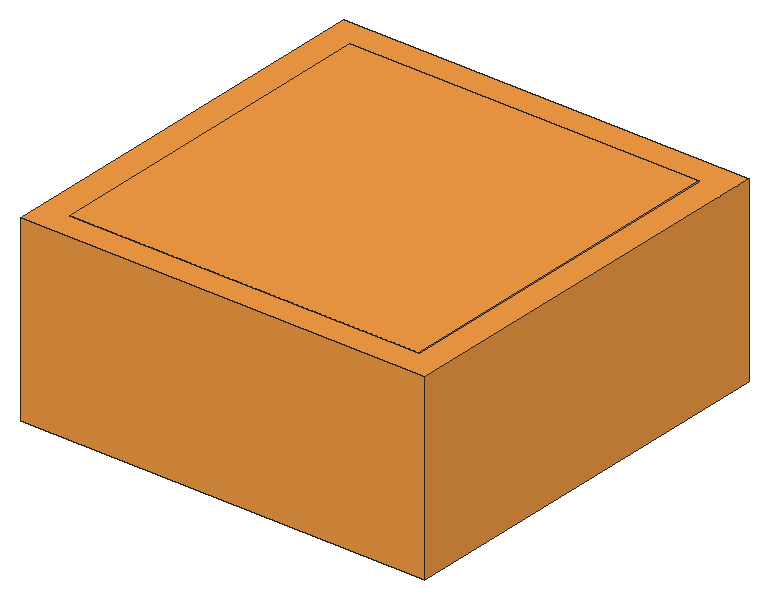
Revit family "Detector termovelocimetrico a 24V_Aguilera Electronica", category Dispositivos de alarma de incendios, Revit 2017
Family settings
  Anfitrión = Cara
  Mantener orientación de anotación = Sí
  Cota de conector redondo = Diámetro de uso
  Tipo de pieza = Normal
  Número OmniClass = 23.85.30.21.11.11.11
  Título OmniClass = Smoke Detectors
  Corte con vacíos al cargar = No
  Compartido = No
  Punto de cálculo de habitación = No
Parameters (values of type "Detector termovelocimétrico a 24V con suplemento para superficie")
  Zona de acción 80 m2 = yes
  Zona de acción 60 m2 = yes
  Símbolo = yes
  Suplemento para superficie = yes
  Símbolo texto modelo = yes
  Radio = Diámetro / 2  # 49.5 mm
  Altura 3 = 8 mm  # constant formula
  Altura 2 = 30 mm
  URL = "https://aguilera.es/?productos=detector-termovelocimetrico-a-24-v"
  Modelo = "AE085/TV + AE/C5-ZA"
  Fabricante = "Aguilera Electrónica"  # constant formula
  Elevación por defecto = 1200 mm
  Diámetro = 99 mm  # constant formula
  Descripción = "El detector está formado por un sensor de temperatura, un comparador y la electrónica asociada que permiten discriminar estados de reposo alarma y avería, de acuerdo con los parámetros fijados. Ejecuta una doble función de alarma sobre el control del ambiente: Diferencial: Pasa a estado de alarma cuando la velocidad de aumento de la temperatura excede de un cierto valor durante un tiempo suficiente. (Según Norma UNE 23007, parte 6). Térmica: Se activa cuando la temperatura ambiente excede de un cierto valordurante un tiempo suficiente. (Según Norma UNE 23007 parte 5)."  # constant formula
  Type Comments = "Diseñado y fabricado por Aguilera Electrónica según norma UNE EN54- 5.\r\n\r\nCertificado por AENOR.\r\n\r\nDa señal de alarma cuando detecta una subida brusca de temperatura o cuando la subida es muy lenta y se alcanzan lo 58 ºC. Provisto de led indicador de alarma con enclavamiento, chequeo automático de funcionamiento, estabilizador de tensión y salida automática de alarma para conectar indicadores de acción remota.\r\n\r\nMontado en carcasa de ABS blanco de 105 Ø x 45 mm de alto.\r\n\r\nConsumo: 50 ?A en reposo y 22 mA en alarma.\r\n"  # constant formula
  Altura 1 = 38 mm  # constant formula
Types (9, lengths in mm): name | Suplemento para superficie | Altura 2 | Modelo
  (no name) | yes | 30 | "AE085/TV + AE/C5-ZA"
  Detector termovelocimétrico a 24V | no | 1 | "AE085/TV"
  Detector termovelocimétrico a 24V con suplemento para superficie | yes | 30 | "AE085/TV + AE/C5-ZA"
  Detector termovelocimétrico a 24V con rearme automático con zócalo bajo | no | 10 | "AE085/TVS + AE/ZCB"
  Detector termovelocimétrico a 24V con zócalo alto | no | 22 | "AE085/TV + AE/ZCA"
  Detector termovelocimétrico a 24V con rearme automático | no | 1 | "AE085/TVS"
  Detector termovelocimétrico a 24V con rearme automático con suplemento para superficie | yes | 30 | "AE085/TVS + AE/C5-ZA"
  Detector termovelocimétrico a 24V con rearme automático con zócalo alto | no | 22 | "AE085/TVS + AE/ZCA"
  Detector termovelocimétrico a 24V con zócalo bajo | no | 10 | "AE085/TV + AE/ZCB"
Reference planes
  plane 1 "Centro (Frontal/Posterior)": y = 0
  plane 2: z = 0
  plane 3 "Centro (Izquierda/Derecha)": x = 0
  plane 4: z = 76
  plane 5: z = 68
  plane 6: z = 30
Forms (mm)
  Extrusion 1, solid
    sketch origin (0, 0, 0) x (1, 0, 0) y (0, 1, 0)
      loop
        line (-1219.2, 1219.2) -> (-1219.2, -1219.2) -> (1219.2, -1219.2) -> (1219.2, 1219.2) -> (-1219.2, 1219.2)
    from 0 to -304.8
  Extrusion 2, solid, material "Carcasa ABS", detail levels fine
    sketch origin (0, 0, 0) x (1, 0, 0) y (0, 1, 0)
      loop
        circle (0, 0) r 18.837
    from 74.409 to 76
  Extrusion 3, solid, material "Carcasa ABS", detail levels fine
    sketch origin (4.277, 0, 83.026) x (1, 0, 0) y (0, 0, -1)
      loop
        line (-19.852, 15.026) -> (-27.226, 15.026)
        arc (-27.226, 15.026) -> (-24.259, 12.003) -> (-21.715, 8.616) r 32.144
        line (-21.715, 8.616) -> (-19.852, 8.616) -> (-19.852, 15.026)
    from -2.054 to 1.982
  Revolve 4, solid, material "Carcasa ABS"
    sketch origin (0, 0, 0) x (0, 1, 0) y (0, 0, 1)
      loop
        line (-49.5, 30) -> (-49.5, 0) -> (0, 0) -> (0, 30) -> (-49.5, 30)
      axis (0, 30) -> (0, 0)
    angle from 0 to 360
  Extrusion 5, solid, material "Carcasa ABS", visible <- "Suplemento para superficie", detail levels medium+fine
    sketch origin (0, 0, 28.069) x (0, 1, 0) y (0, 0, 1)
      loop
        circle (0, -13.675) r 10
    from 46.956 to 49.451
  Extrusion 6, solid, material "Carcasa ABS", visible <- "Suplemento para superficie", detail levels medium+fine
    sketch origin (0, 0, 28.069) x (-1, 0, 0) y (0, 0, 1)
      loop
        circle (0, -13.675) r 10
    from 46.733 to 49.566
  Extrusion 7, solid, material "Carcasa ABS", visible <- "Suplemento para superficie", detail levels medium+fine
    sketch origin (0, 0, 28.069) x (0, 1, 0) y (0, 0, -1)
      loop
        circle (0, 13.675) r 10
    from 47.25 to 49.524
  Extrusion 8, solid, material "Carcasa ABS", detail levels fine
    sketch origin (-4.277, 0, 83.026) x (-1, 0, 0) y (0, 0, 1)
      loop
        line (-19.852, -15.026) -> (-19.852, -8.616) -> (-21.662, -8.616)
        arc (-21.662, -8.616) -> (-24.19, -12.001) -> (-27.141, -15.026) r 32.171
        line (-27.141, -15.026) -> (-19.852, -15.026)
    from -2.054 to 1.982
  Extrusion 9, solid, material "Carcasa ABS", detail levels fine
    sketch origin (2.17, -3.722, 83.026) x (0.5, -0.866025, 0) y (0, 0, -1)
      loop
        line (-21.153, 15.026) -> (-28.442, 15.026)
        arc (-28.442, 15.026) -> (-25.491, 12.001) -> (-22.962, 8.616) r 32.171
        line (-22.962, 8.616) -> (-21.153, 8.616) -> (-21.153, 15.026)
    from -2.054 to 1.982
  Extrusion 10, solid, material "Carcasa ABS", detail levels fine
    sketch origin (-2.107, 3.686, 83.026) x (-0.5, 0.866025, 0) y (0, 0, 1)
      loop
        line (-21.586, -15.026) -> (-21.586, -8.616) -> (-23.396, -8.616)
        arc (-23.396, -8.616) -> (-25.925, -12.001) -> (-28.876, -15.026) r 32.171
        line (-28.876, -15.026) -> (-21.586, -15.026)
    from -2.054 to 1.982
  Extrusion 11, solid, material "Carcasa ABS", detail levels fine
    sketch origin (-2.107, -3.758, 83.026) x (-0.5, -0.866025, 0) y (0, 0, -1)
      loop
        line (-21.586, 15.026) -> (-28.876, 15.026)
        arc (-28.876, 15.026) -> (-25.925, 12.001) -> (-23.396, 8.616) r 32.171
        line (-23.396, 8.616) -> (-21.586, 8.616) -> (-21.586, 15.026)
    from -2.054 to 1.982
  Extrusion 12, solid, material "Carcasa ABS", detail levels fine
    sketch origin (2.17, 3.65, 83.026) x (0.5, 0.866025, 0) y (0, 0, 1)
      loop
        line (-21.586, -15.026) -> (-21.586, -8.616) -> (-23.396, -8.616)
        arc (-23.396, -8.616) -> (-25.925, -12.001) -> (-28.876, -15.026) r 32.171
        line (-28.876, -15.026) -> (-21.586, -15.026)
    from -2.054 to 1.982
  Revolve 13, solid, material "Carcasa ABS", detail levels medium+fine
    sketch origin (0, 0, 0) x (1, 0, 0) y (0, 0, 1)
      loop
        arc (-44.248, 63.693) -> (-47.962, 62.155) -> (-49.5, 58.441) r 5.252
        line (-49.5, 58.441) -> (-49.5, 30) -> (-18.204, 30) -> (-18.204, 68) -> (-22.949, 68) -> (-27.256, 63.693) -> (-44.248, 63.693)
      axis (0, 30) -> (0, 68)
    angle from 0 to 360
  Extrusion 14, solid, material "Zona de acción", visible <- "Zona de acción 80 m2"
    sketch origin (-3703.865, 3705, 0) x (1, 0, 0) y (0, 1, 0)
      loop
        line (-746.135, -8155) -> (8153.865, -8155) -> (8153.865, 745) -> (-746.135, 745) -> (-746.135, -8155)
    from 0 to 4000
  Extrusion 15, solid, material "Zona de acción", visible <- "Zona de acción 60 m2"
    sketch origin (-4303.865, 3105, 0) x (1, 0, 0) y (0, 1, 0)
      loop
        line (453.865, -6955) -> (8153.865, -6955) -> (8153.865, 745) -> (453.865, 745) -> (453.865, -6955)
    from 0 to 4000
Dimensions and locks
  locked: Extrusion 2 to Extrusion 2 at 1.591
  "Altura 2": plane 6 to Extrusion 1
  "Altura 1": plane 5 to plane 6
  "Altura 3": plane 4 to plane 5
  "Radio": Revolve 4 sketch curve to Revolve 4 sketch curve
  "Radio": plane 3 "Centro (Izquierda/Derecha)" to Revolve 13 sketch curve
  aligned and locked: plane 2 to Extrusion 1
  aligned and locked: level to Extrusion 1
  aligned and locked: plane 4 to Extrusion 2
  aligned and locked: Extrusion 1 to Revolve 4 sketch curve
  aligned and locked: plane 1 "Centro (Frontal/Posterior)" to Revolve 4 sketch curve  (x2)
  aligned and locked: Extrusion 3 to plane 5
  aligned and locked: Revolve 4 sketch curve to plane 6
  aligned and locked: Revolve 13 sketch curve to plane 3 "Centro (Izquierda/Derecha)"
  aligned and locked: plane 6 to Revolve 13 sketch curve
  aligned and locked: Extrusion 3 to Extrusion 2
  aligned and locked: Extrusion 12 to Extrusion 2
  aligned and locked: Extrusion 10 to Extrusion 2
  aligned and locked: Extrusion 8 to Extrusion 2
  aligned and locked: Extrusion 9 to Extrusion 2
  aligned and locked: Extrusion 11 to Extrusion 2
  aligned and locked: Extrusion 12 to plane 5
  aligned and locked: Extrusion 9 to plane 5
  aligned and locked: Extrusion 10 to plane 5
  aligned and locked: Extrusion 11 to plane 5
  aligned and locked: Extrusion 8 to plane 5
  aligned and locked: Revolve 13 sketch curve to Extrusion 3
Automatic sketch dimensions
  Extrusion 1 sketch curve to Extrusion 1 sketch curve = 2438.4 mm  (x2)
  plane 1 "Centro (Frontal/Posterior)" to Extrusion 2 sketch curve = 0 mm
  Extrusion 2 sketch curve to plane 3 "Centro (Izquierda/Derecha)" = 0 mm
  Extrusion 3 sketch curve to plane 5 = 0 mm
  Extrusion 3 sketch curve to plane 4 = 1.591 mm
  plane 4 to Extrusion 3 sketch curve = 15.98 mm
  Extrusion 3 sketch curve to plane 3 "Centro (Izquierda/Derecha)" = 44.355 mm
  Extrusion 3 sketch curve to plane 3 "Centro (Izquierda/Derecha)" = 22.949 mm
  Extrusion 3 sketch curve to Extrusion 3 sketch curve = 1.863 mm
  Extrusion 5 sketch curve to plane 1 "Centro (Frontal/Posterior)" = 0 mm
  level to Extrusion 5 sketch curve = 14.394 mm
  Extrusion 6 sketch curve to plane 3 "Centro (Izquierda/Derecha)" = 0 mm
  level to Extrusion 6 sketch curve = 14.394 mm
  Extrusion 7 sketch curve to plane 1 "Centro (Frontal/Posterior)" = 0 mm
  level to Extrusion 7 sketch curve = 14.394 mm
  Extrusion 8 sketch curve to plane 5 = 0 mm
  Extrusion 8 sketch curve to plane 4 = 1.591 mm
  plane 4 to Extrusion 8 sketch curve = 15.93 mm
  plane 3 "Centro (Izquierda/Derecha)" to Extrusion 8 sketch curve = 44.366 mm
  plane 3 "Centro (Izquierda/Derecha)" to Extrusion 8 sketch curve = 22.864 mm
  Extrusion 8 sketch curve to Extrusion 8 sketch curve = 1.81 mm
  Extrusion 9 sketch curve to plane 5 = 0 mm
  Extrusion 9 sketch curve to plane 4 = 1.591 mm
  plane 4 to Extrusion 9 sketch curve = 15.93 mm
  Extrusion 9 sketch curve to Extrusion 9 sketch curve = 21.501 mm
  Extrusion 9 sketch curve to Extrusion 9 sketch curve = 1.81 mm
  Extrusion 10 sketch curve to plane 5 = 0 mm
  Extrusion 10 sketch curve to plane 4 = 1.591 mm
  plane 4 to Extrusion 10 sketch curve = 15.93 mm
  Extrusion 10 sketch curve to Extrusion 10 sketch curve = 21.501 mm
  Extrusion 10 sketch curve to Extrusion 10 sketch curve = 1.81 mm
  Extrusion 11 sketch curve to plane 5 = 0 mm
  Extrusion 11 sketch curve to plane 4 = 1.591 mm
  plane 4 to Extrusion 11 sketch curve = 15.93 mm
  Extrusion 11 sketch curve to Extrusion 11 sketch curve = 21.501 mm
  Extrusion 11 sketch curve to Extrusion 11 sketch curve = 1.81 mm
  Extrusion 12 sketch curve to plane 5 = 0 mm
  Extrusion 12 sketch curve to plane 4 = 1.591 mm
  plane 4 to Extrusion 12 sketch curve = 15.93 mm
  Extrusion 12 sketch curve to Extrusion 12 sketch curve = 21.501 mm
  Extrusion 12 sketch curve to Extrusion 12 sketch curve = 1.81 mm
  Extrusion 14 sketch curve to plane 3 "Centro (Izquierda/Derecha)" = 4450 mm
  plane 3 "Centro (Izquierda/Derecha)" to Extrusion 14 sketch curve = 4450 mm
  plane 1 "Centro (Frontal/Posterior)" to Extrusion 14 sketch curve = 4450 mm
  Extrusion 14 sketch curve to plane 1 "Centro (Frontal/Posterior)" = 4450 mm
  Extrusion 15 sketch curve to plane 3 "Centro (Izquierda/Derecha)" = 3850 mm
  plane 3 "Centro (Izquierda/Derecha)" to Extrusion 15 sketch curve = 3850 mm
  plane 1 "Centro (Frontal/Posterior)" to Extrusion 15 sketch curve = 3850 mm
  Extrusion 15 sketch curve to plane 1 "Centro (Frontal/Posterior)" = 3850 mm
  Revolve 4 sketch curve to level = 4.781 mm
  Revolve 4 sketch curve to Revolve 4 sketch curve = 7.426 mm
  Revolve 13 sketch curve to Revolve 13 sketch curve = 5.252 mm
  Revolve 13 sketch curve to plane 5 = 4.307 mm
  Revolve 13 sketch curve to Revolve 13 sketch curve = 16.992 mm
  Revolve 13 sketch curve to Revolve 13 sketch curve = 4.307 mm
  Revolve 13 sketch curve to Revolve 13 sketch curve = 4.745 mm
  plane 6 to Revolve 13 sketch curve = 2.38 mm
  Revolve 13 sketch curve to Revolve 13 sketch curve = 9 mm
  radius of Extrusion 2 sketch curve = 18.837 mm
  radius of Extrusion 5 sketch curve = 10 mm
  radius of Extrusion 6 sketch curve = 10 mm
  radius of Extrusion 7 sketch curve = 10 mm
Nested families
  nested 1: "S_Detector termovelocimétrico_Aguilera Electronica" at (0, 2.084, 0), visible <- "Símbolo", type "S_Detector termovelocimétrico_Aguilera Electronica", detail levels coarse
Connectors
  cabletrayconduit at (49.451, 0, 14.394), diameter 20
    settings: on Extrusion 5, index 2, connector width 300 mm, connector height 300 mm, connector angle 0.00°, system type 32, placement type 0, profile type 0, connector reference index -1, is primary connector yes, connector utility param no, connector description ""
  cabletrayconduit at (0, 49.566, 14.394), diameter 20
    settings: on Extrusion 6, index 3, connector width 300 mm, connector height 300 mm, connector angle 0.00°, system type 32, placement type 0, profile type 0, connector reference index -1, is primary connector no, connector utility param no, connector description ""
  cabletrayconduit at (-49.524, 0, 14.394), diameter 20
    settings: on Extrusion 7, index 4, connector width 300 mm, connector height 300 mm, connector angle 0.00°, system type 32, placement type 0, profile type 0, connector reference index -1, is primary connector no, connector utility param no, connector description ""
  electrical at (0, 0, 0), driven by "Modelo"
    settings: on Revolve 4, index 5, voltage 0 V, apparent load 0 VA, apparent load phase1 0 VA, apparent load phase2 0 VA, apparent load phase3 0 VA, power factor 1, load classification "Otro", number of poles 1, system type 11, power factor state 1, is connector primary yes, connector utility no, sub classification motor no, connector description "AE085/TV + AE/C5-ZA"
Definition of nested family "S_Detector termovelocimétrico_Aguilera Electronica"
  Parameters (values of type "S_Detector termovelocimétrico_Aguilera Electronica")
    Texto símbolo = "T"
    Texto modelo = yes
    Modelo = "AE/SA-T"
  Reference planes
    plane 1: y = 0
    plane 2: x = 0
  Lines and regions (mm)
    detail lines
      curve 1: line (-4.116, -2.084, 0) -> (4.116, -2.084, 0)
      curve 2: line (-4.116, 2.084, 0) -> (-4.116, -2.084, 0)
      curve 3: line (4.116, 2.084, 0) -> (-4.116, 2.084, 0)
      curve 4: line (4.116, -2.084, 0) -> (4.116, 2.084, 0)
      curve 5: circle (2.653, 0, 0) r 0.607 normal (0, 0, 1)
      curve 6: line (-3.183, 0, 0) -> (2.047, 0, 0)
  Text (mm)
    label "Texto símbolo" at (-2.438, -1.13, 0), shows "Texto símbolo"
    label "Modelo" at (0.158, -3.714, 0), shows "Modelo", visible <- "Texto modelo"
